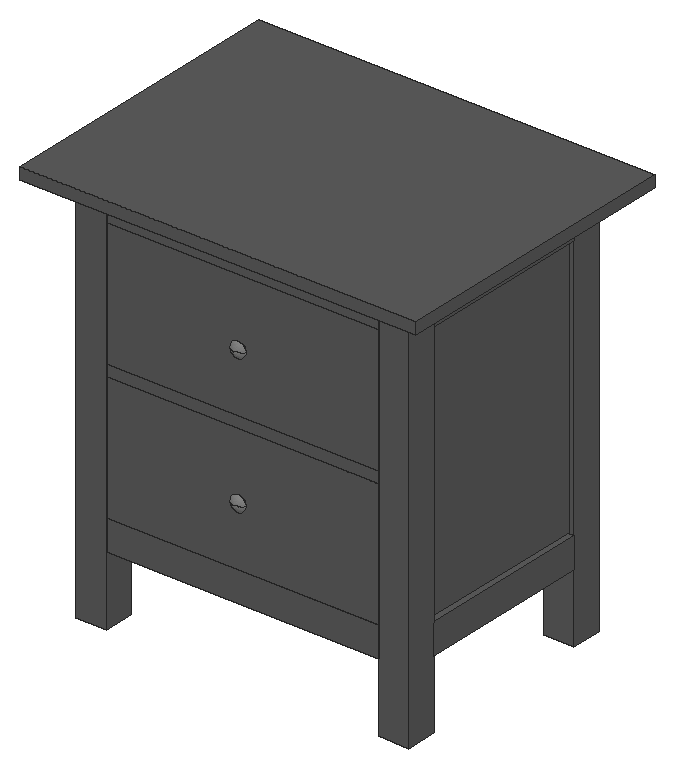
Revit family "Ikea_-_2_Drawer_Dresser_10862", category Мебель, Revit 2017
Family settings
  Номер OmniClass = 23.40.20.00
  Заголовок OmniClass = General Furniture and Specialties
  На основе рабочей плоскости = Нет
  Всегда вертикально = Да
  При загрузке вырезать с полостями = Нет
  Общий = Нет
  Точка расчета площади = Нет
Parameters (values of type "Black/Brown Finish")
  URL = "www.ikea.com"
  Группа модели = "Hemnes"
  Изготовитель = "Ikea"
  Knobs = Stainless Steel
  Dresser = Pine - Black/Brown
  Описание = "2 Drawer Chest"
  Стоимость = 99.99
  Article Number = "001.805.53"
Reference planes (in)
  plane 1 "Center Front/Back": y = 0
  plane 2: z = 0
  plane 3 "Center Left/Right": x = 0
  plane 4: x = -10.8125
  plane 5: y = 7.6875
  plane 6: z = 19.53125
  plane 7: z = 10.59375
  plane 8: z = 31.5
  plane 9: x = 10.8125
  plane 10: y = -7.6875
  plane 11: x = -4.8125
  plane 12: x = 4.8125
Forms (in)
  Extrusion 1, solid, material "Pine - Black/Brown" <- "Dresser"
    sketch origin (0, 0, 0) x (1, 0, 0) y (0, 1, 0)
      loop
        line (-10.8125, 7.6875) -> (-10.8125, 5.6875) -> (-8.8125, 5.6875) -> (-8.8125, 7.6875) -> (-10.8125, 7.6875)
      loop
        line (10.8125, 7.6875) -> (8.8125, 7.6875) -> (8.8125, 5.6875) -> (10.8125, 5.6875) -> (10.8125, 7.6875)
      loop
        line (-10.8125, -7.6875) -> (-8.8125, -7.6875) -> (-8.8125, -5.6875) -> (-10.8125, -5.6875) -> (-10.8125, -7.6875)
      loop
        line (10.8125, -7.6875) -> (10.8125, -5.6875) -> (8.8125, -5.6875) -> (8.8125, -7.6875) -> (10.8125, -7.6875)
    from 0 to 25.625
  Extrusion 2, solid, material "Pine - Black/Brown" <- "Dresser"
    sketch origin (0, 0, 25.625) x (1, 0, 0) y (0, 1, 0)
      loop
        line (-12.8125, 9.6875) -> (-12.8125, -9.6875) -> (12.8125, -9.6875) -> (12.8125, 9.6875) -> (-12.8125, 9.6875)
    from 0 to 0.75
  Extrusion 3, solid, material "Pine - Black/Brown" <- "Dresser"
    sketch origin (-19.625, -7.6875, 0.5) x (-1, 0, 0) y (0, 0, -1)
      loop
        line (-10.8125, -4) -> (-28.4375, -4) -> (-28.4375, -6) -> (-10.8125, -6) -> (-10.8125, -4)
    from 0 to -2
  Extrusion 4, solid, material "Pine - Black/Brown" <- "Dresser"
    sketch origin (-19.625, -7.6875, 19.625) x (-1, 0, 0) y (0, 0, -1)
      loop
        line (-10.8125, -4) -> (-28.4375, -4) -> (-28.4375, -6) -> (-10.8125, -6) -> (-10.8125, -4)
    from 0 to -2
  Extrusion 5, solid, material "Pine - Black/Brown" <- "Dresser"
    sketch origin (10.8125, -20.125, 2) x (0, 1, 0) y (0, 0, 1)
      loop
        line (14.4375, 2.5) -> (25.8125, 2.5) -> (25.8125, 4.5) -> (14.4375, 4.5) -> (14.4375, 2.5)
    from 0 to -2
  Extrusion 6, solid, material "Pine - Black/Brown" <- "Dresser"
    sketch origin (10.8125, -20.125, 21.125) x (0, 1, 0) y (0, 0, 1)
      loop
        line (14.4375, 2.5) -> (25.8125, 2.5) -> (25.8125, 4.5) -> (14.4375, 4.5) -> (14.4375, 2.5)
    from 0 to -2
  Extrusion 7, solid, material "Pine - Black/Brown" <- "Dresser"
    sketch origin (-10.8125, -20.125, 2) x (0, 1, 0) y (0, 0, -1)
      loop
        line (14.4375, -2.5) -> (14.4375, -4.5) -> (25.8125, -4.5) -> (25.8125, -2.5) -> (14.4375, -2.5)
    from 0 to -2
  Extrusion 8, solid, material "Pine - Black/Brown" <- "Dresser"
    sketch origin (-10.8125, -20.125, 21.125) x (0, 1, 0) y (0, 0, -1)
      loop
        line (14.4375, -2.5) -> (14.4375, -4.5) -> (25.8125, -4.5) -> (25.8125, -2.5) -> (14.4375, -2.5)
    from 0 to -2
  Extrusion 9, solid, material "Pine - Black/Brown" <- "Dresser"
    sketch origin (-19.625, 7.6875, 0.5) x (-1, 0, 0) y (0, 0, 1)
      loop
        line (-10.8125, 4) -> (-10.8125, 6) -> (-28.4375, 6) -> (-28.4375, 4) -> (-10.8125, 4)
    from 0 to -2
  Extrusion 10, solid, material "Pine - Black/Brown" <- "Dresser"
    sketch origin (-19.625, 7.6875, 19.625) x (-1, 0, 0) y (0, 0, 1)
      loop
        line (-10.8125, 4) -> (-10.8125, 6) -> (-28.4375, 6) -> (-28.4375, 4) -> (-10.8125, 4)
    from 0 to -2
  Extrusion 11, solid, material "Pine - Black/Brown" <- "Dresser"
    sketch origin (-10.8125, -20.125, 2) x (0, 1, 0) y (0, 0, -1)
      loop
        line (25.8125, -23.625) -> (25.8125, -4.5) -> (14.4375, -4.5) -> (14.4375, -23.625) -> (25.8125, -23.625)
    from -0.375 to -1
  Extrusion 12, solid, material "Pine - Black/Brown" <- "Dresser"
    sketch origin (10.8125, -20.125, 0) x (0, 1, 0) y (0, 0, 1)
      loop
        line (25.8125, 25.625) -> (14.4375, 25.625) -> (14.4375, 6.5) -> (25.8125, 6.5) -> (25.8125, 25.625)
    from -0.375 to -1
  Extrusion 13, solid, material "Pine - Black/Brown" <- "Dresser"
    sketch origin (0, 0, 0) x (1, 0, 0) y (0, 1, 0)
      loop
        line (-8.8125, 5.6875) -> (-8.8125, -6.0625) -> (8.8125, -6.0625) -> (8.8125, 5.6875) -> (-8.8125, 5.6875)
    from 4.5 to 5
  Extrusion 14, solid, material "Pine - Black/Brown" <- "Dresser"
    sketch origin (-19.625, 7.6875, 0.5) x (-1, 0, 0) y (0, 0, 1)
      loop
        line (-28.4375, 23.125) -> (-28.4375, 6) -> (-10.8125, 6) -> (-10.8125, 23.125) -> (-28.4375, 23.125)
    from -0.375 to -1
  Extrusion 15, solid, material "Pine - Black/Brown" <- "Dresser"
    sketch origin (20.3125, -7.6875, 10.5) x (1, 0, 0) y (0, 0, 1)
      loop
        line (-11.5, 4.1875) -> (-29.125, 4.1875) -> (-29.125, -4) -> (-11.5, -4) -> (-11.5, 4.1875)
    from 0 to -1
  Extrusion 16, solid, material "Stainless Steel" <- "Knobs"
    sketch origin (6.50589, -7.6875, 30.09389) x (1, 0, 0) y (0, 0, 1)
      loop
        circle (-6.5, -19.5) r 0.125
    from 0 to 0.375
  Revolve 17, solid, material "Stainless Steel" <- "Knobs"
    sketch origin (-19.625, 4.75, 10.59375) x (-1, 0, 0) y (0, -1, 0)
      loop
        arc (-19.125, 12.8125) -> (-19.34549, 12.99652) -> (-19.625, 13.0625) r 0.625
        line (-19.625, 13.0625) -> (-19.625, 12.8125) -> (-19.125, 12.8125)
      axis (-19.625, 12.8125) -> (-19.625, 13.0625)
    angle from 0 to 360
  Extrusion 18, solid, material "Pine - Black/Brown" <- "Dresser"
    sketch origin (20.3125, -7.6875, 18.6875) x (1, 0, 0) y (0, 0, 1)
      loop
        line (-11.5, -3.25) -> (-29.125, -3.25) -> (-29.125, -4) -> (-11.5, -4) -> (-11.5, -3.25)
    from 0 to -1
  Extrusion 19, solid, material "Pine - Black/Brown" <- "Dresser"
    sketch origin (20.3125, -7.6875, 19.625) x (1, 0, 0) y (0, 0, 1)
      loop
        line (-11.5, 4) -> (-29.125, 4) -> (-29.125, -4.1875) -> (-11.5, -4.1875) -> (-11.5, 4)
    from 0 to -1
  Extrusion 20, solid, material "Stainless Steel" <- "Knobs"
    sketch origin (6.50589, -7.6875, 0.03111) x (1, 0, 0) y (0, 0, 1)
      loop
        circle (-6.5, 19.5) r 0.125
    from 0 to 0.375
  Revolve 21, solid, material "Stainless Steel" <- "Knobs"
    sketch origin (-19.625, 4.75, 19.53125) x (0, 1, 0) y (-1, 0, 0)
      loop
        arc (-12.8125, -19.125) -> (-12.99652, -19.34549) -> (-13.0625, -19.625) r 0.625
        line (-13.0625, -19.625) -> (-12.8125, -19.625) -> (-12.8125, -19.125)
      axis (-12.8125, -19.625) -> (-13.0625, -19.625)
    angle from 0 to 360
Dimensions and locks (in)
  aligned and locked: level to plane 2
